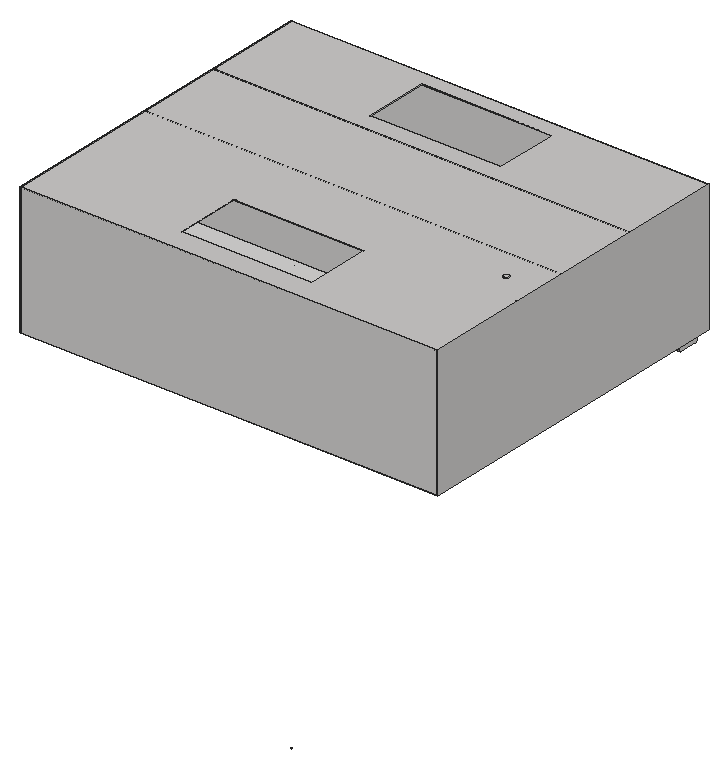
Revit family "QF_ELECTROLUXPROFESSIONAL_640228_STPF1316", category Specialty Equipment, Revit 2014
Reference planes
  plane 1: z = 0
  plane 2 "Center (Left/Right)": x = 150
  plane 3 "LEFT": x = -650
  plane 4 "RIGHT": x = 950
  plane 5 "BACK": y = 550
  plane 6 "TOP": z = 2500
  plane 7 "Base": z = 2000
  plane 8: z = 1955
  plane 9 "DrainY": y = 490
  plane 10: x = -647
  plane 11 "DrainX": x = 830
  plane 12 "AOLeft2": x = 400
  plane 13: x = 947
  plane 14: x = -450
  plane 15: x = 750
  plane 16 "Center (Front/Back)": y = -100
  plane 17 "Front": y = -750
  plane 18 "AOLeft1": x = -100
  plane 19: y = -664
  plane 20: y = -414
  plane 21: y = 240
  plane 22: y = 490
  plane 23 "EI_y": y = -270
  plane 24 "EIx": x = 830
Forms (mm)
  Extrusion 1, solid, material "QF_Finishes_Stainless Steel"
    sketch origin (-650, 0, 360) x (0, 1, 0) y (0, 0, 1)
      loop
        line (550, 1640) -> (550, 2140) -> (-750, 2140) -> (-750, 1640) -> (550, 1640)
    from 0 to 3
  Extrusion 2, solid, material "QF_Finishes_Stainless Steel"
    sketch origin (950, 0, 360) x (0, 1, 0) y (0, 0, 1)
      loop
        line (550, 1640) -> (550, 2140) -> (-750, 2140) -> (-750, 1640) -> (550, 1640)
    from 0 to -3
  Extrusion 3, solid, material "QF_Finishes_Stainless Steel"
    sketch origin (150, 0, 360) x (0, 1, 0) y (0, 0, 1)
      loop
        line (-750, 2140) -> (-750, 1640) -> (-740, 1640) -> (-740, 1640.8) -> (-749.2, 1640.8) -> (-749.2, 2139.19) -> (549.2, 2139.19) -> (549.2, 1640.8) -> (540, 1640.8) -> (540, 1640) -> (550, 1640) -> (550, 2140) -> (-750, 2140)
    from -800 to 800
  Extrusion 4, solid, material "QF_Finishes_Stainless Steel"
    sketch origin (0, 0, 2000) x (0, 1, 0) y (-1, 0, 0)
      loop
        circle (490, -830) r 4.763
    from -30 to 0
  Extrusion 5, void
    sketch origin (0, 0, 2500) x (0, 1, 0) y (-1, 0, 0)
      loop
        line (-414, -400) -> (-414, 100) -> (-664, 100) -> (-664, -400) -> (-414, -400)
    from 0 to -10
  Extrusion 6, solid, material "QF_Finishes_Stainless Steel"
    sketch origin (0, 0, 0) x (1, 0, 0) y (0, 1, 0)
      loop
        line (-650, 550) -> (-650, 549) -> (-649, 549) -> (-649, 550) -> (-650, 550)
    from 0 to 1
  Extrusion 7, solid, material "QF_LAMPS"
    sketch origin (150, 0, 360) x (0, 1, 0) y (0, 0, 1)
      loop
        line (-372.823, 1962.324) -> (-218.948, 2086.929) -> (-227.129, 2097.032) -> (-381.003, 1972.426) -> (-372.823, 1962.324)
    from 797 to -797
  Extrusion 8, solid, material "QF_Finishes_Stainless Steel"
    sketch origin (150, 0, 360) x (0, 1, 0) y (0, 0, 1)
      loop
        line (-750, 2139.19) -> (-750, 1640) -> (-686.602, 1640) -> (-599.146, 1690.493) -> (-610.058, 1709.394) -> (-666.564, 1676.77) -> (-714.704, 1680.982) -> (-749.2, 1730.248) -> (-749.2, 2139.19) -> (-750, 2139.19)
      loop
        line (-373.6, 1961.694) -> (-381.937, 1971.99) -> (-369.095, 1982.182) -> (-369.095, 2139.19) -> (-369.895, 2139.19) -> (-369.895, 1982.569) -> (-682.298, 1734.63) -> (-671.091, 1720.79) -> (-373.6, 1961.694)
      loop
        line (-227.61, 2099.216) -> (-218.171, 2087.559) -> (-154.411, 2139.19) -> (-155.682, 2139.19) -> (-218.052, 2088.684) -> (-226.989, 2099.719) -> (-227.61, 2099.216)
    from -797 to 797
  Sweep 9, solid, material "QF_Finishes_Stainless Steel"
    path origin (0, 0, 0) x (1, 0, 0) y (0, 1, 0)
      loop
        line (950, 550) -> (-650, 550) -> (-650, -750) -> (950, -750) -> (950, 550)
    profile origin (950, -100, 0) x (1, 0, 0) y (0, 0, 1)
      loop
        line (-3, 2000) -> (-3, 2000.8) -> (-19, 2000.8) -> (-19, 2010) -> (-20, 2010) -> (-20, 2000) -> (-3, 2000)
  Extrusion 10, solid, material "QF_Finishes_Stainless Steel"
    sketch origin (150, 0, 0) x (0, 1, 0) y (0, 0, 1)
      loop
        line (414.66, 2095.469) -> (440.643, 2110.471) -> (261.744, 2411.771) -> (235.948, 2396.455) -> (414.66, 2095.469)
    from -797 to -600
  Extrusion 11, solid, material "QF_Finishes_Stainless Steel"
    sketch origin (830, 0, 0) x (0, 1, 0) y (0, 0, 1)
      loop
        line (539, 2000) -> (441, 2000) -> (441, 1989) -> (448.5, 1989) -> (448.5, 1965)
        arc (448.5, 1965) -> (451.429, 1957.929) -> (458.5, 1955) r 10
        line (458.5, 1955) -> (521.5, 1955)
        arc (521.5, 1955) -> (528.571, 1957.929) -> (531.5, 1965) r 10
        line (531.5, 1965) -> (531.5, 1989) -> (539, 1989) -> (539, 2000)
    from 90 to -90
  Extrusion 12, solid, material "QF_Finishes_Stainless Steel"
    sketch origin (150, 0, 360) x (0, 1, 0) y (0, 0, 1)
      loop
        line (-750, 2139.19) -> (-750, 1640) -> (-686.602, 1640) -> (-599.146, 1690.493) -> (-610.058, 1709.394) -> (-666.564, 1676.77) -> (-714.704, 1680.982) -> (-749.2, 1730.248) -> (-749.2, 2139.19) -> (-750, 2139.19)
      loop
        line (-373.6, 1961.694) -> (-381.937, 1971.99) -> (-369.095, 1982.182) -> (-369.095, 2139.19) -> (-369.895, 2139.19) -> (-369.895, 1982.569) -> (-682.298, 1734.63) -> (-671.091, 1720.79) -> (-373.6, 1961.694)
      loop
        line (-227.61, 2099.216) -> (-218.171, 2087.559) -> (-154.411, 2139.19) -> (-155.682, 2139.19) -> (-218.052, 2088.684) -> (-226.989, 2099.719) -> (-227.61, 2099.216)
    from -797 to 797
  Extrusion 13, solid, material "QF_Finishes_Stainless Steel"
    sketch origin (150, 0, 0) x (0, 1, 0) y (0, 0, 1)
      loop
        line (414.66, 2095.469) -> (440.643, 2110.471) -> (261.744, 2411.771) -> (235.948, 2396.455) -> (414.66, 2095.469)
    from 600 to 797
  Extrusion 14, solid, material "QF_Finished_Chrome"
    sketch origin (150, 0, 0) x (0, 1, 0) y (0, 0, 1)
      loop
        line (414.66, 2095.469) -> (440.643, 2110.471) -> (261.744, 2411.771) -> (235.948, 2396.455) -> (414.66, 2095.469)
    from -600 to 600
  Extrusion 15, void
    sketch origin (0, 1180, 2500) x (0, 1, 0) y (-1, 0, 0)
      loop
        line (-690, -400) -> (-690, 100) -> (-940, 100) -> (-940, -400) -> (-690, -400)
    from 0 to -10
  Extrusion 16, solid, material "QF_Finishes_Stainless Steel"
    sketch origin (0, 0, 2500) x (0, 1, 0) y (-1, 0, 0)
      loop
        circle (-270, -830) r 10
    from 0 to 1.6
  Extrusion 17, solid, material "QF_Finishes_Stainless Steel"
    sketch origin (150, 0, 360) x (0, 1, 0) y (0, 0, 1)
      loop
        line (430.005, 1640) -> (540, 1640) -> (540, 1640.8) -> (430.467, 1640.8) -> (371.906, 1742.23) -> (414.858, 1734.657) -> (442.266, 1750.481) -> (442.266, 1765.943) -> (441.466, 1765.943) -> (441.466, 1750.943) -> (414.709, 1735.495) -> (321.153, 1751.991) -> (320.875, 1750.416) -> (371.4, 1741.507) -> (430.005, 1640)
      loop
        line (172.529, 2139.19) -> (242.893, 2017.316) -> (245.133, 2018.715) -> (240.13, 2027.381) -> (238.569, 2026.405) -> (173.453, 2139.19) -> (172.529, 2139.19)
    from -797 to 797
Cuts and joins
  Extrusion 5, Extrusion 15 cuts Extrusion 3
  joined: Extrusion 2, Extrusion 3, Sweep 9
Lines and regions (mm)
  symbolic lines, style "SpecialityEquipment", detail levels coarse
    curve 1: line (950, 550, 2500) -> (-650, 550, 2500)
    curve 2: line (-650, 550, 2500) -> (-650, -750, 2500)
    curve 3: line (950, -750, 2500) -> (950, 550, 2500)
    curve 4: line (-650, 550, 0) -> (950, -750, 0)
    curve 5: line (950, 550, 0) -> (-650, -750, 0)
    curve 6: line (-650, -750, 0) -> (950, -750, 0)
    curve 7: line (400, -414, 0) -> (-100, -414, 0)
    curve 8: line (400, -664, 0) -> (400, -414, 0)
    curve 9: line (-100, -664, 0) -> (400, -664, 0)
    curve 10: line (-100, -414, 0) -> (-100, -664, 0)
  symbolic lines, detail levels coarse
    curve 11: line (-100, 240, 2500) -> (400, 240, 2500)
    curve 12: line (-100, 490, 2500) -> (-100, 240, 2500)
    curve 13: line (400, 490, 2500) -> (-100, 490, 2500)
    curve 14: line (400, 240, 2500) -> (400, 490, 2500)
Dimensions and locks
  plane 3 "LEFT" to plane 4 "RIGHT" = 1600 mm
  equal spacing: plane 3 "LEFT", plane 2 "Center (Left/Right)", plane 4 "RIGHT"
  plane 7 "Base" to plane 8 = 45 mm
  plane 5 "BACK" to plane 9 "DrainY" = 60 mm  (x2)
  plane 3 "LEFT" to plane 10 = 3 mm
  plane 11 "DrainX" to plane 4 "RIGHT" = 120 mm
  plane 13 to plane 4 "RIGHT" = 3 mm
  plane 3 "LEFT" to plane 14 = 200 mm
  plane 15 to plane 4 "RIGHT" = 200 mm
  locked: plane 7 "Base" to level at 2000
  locked: plane 6 "TOP" to plane 7 "Base" at 500
  locked: plane 5 "BACK" to plane 17 "Front" at 1300
  equal spacing: plane 5 "BACK", plane 16 "Center (Front/Back)", plane 17 "Front"
  locked: plane 20 to plane 19 at 250
  plane 19 to plane 17 "Front" = 86 mm
  locked: plane 22 to plane 21 at 250
  plane 5 "BACK" to plane 22 = 60 mm
  locked: plane 23 "EI_y" to plane 17 "Front" at 480
  locked: plane 24 "EIx" to plane 4 "RIGHT" at 120
  locked: plane 18 "AOLeft1" to plane 12 "AOLeft2" at 500
  equal spacing: plane 18 "AOLeft1", plane 2 "Center (Left/Right)", plane 12 "AOLeft2"
  plane 5 "BACK" to plane 17 "Front" = 1300 mm
  aligned and locked: level to plane 1
  aligned and locked: plane 4 "RIGHT" to Extrusion 3
  aligned and locked: Extrusion 3 to plane 3 "LEFT"
  aligned and locked: Extrusion 2 to plane 13
  aligned and locked: Extrusion 10 to plane 10
  aligned and locked: Extrusion 8 to plane 10
  aligned and locked: plane 13 to Extrusion 8
  aligned and locked: Extrusion 5 to plane 18 "AOLeft1"
  aligned and locked: Extrusion 5 to plane 12 "AOLeft2"
  aligned and locked: plane 14 to Extrusion 10
  aligned and locked: plane 15 to Extrusion 13
  aligned and locked: plane 13 to Extrusion 13
  aligned and locked: Extrusion 14 to plane 14
  aligned and locked: Extrusion 14 to plane 15
  aligned and locked: plane 13 to Extrusion 7
  aligned and locked: Extrusion 7 to plane 10
  aligned and locked: Extrusion 15 to plane 21
  aligned and locked: plane 22 to Extrusion 15
  aligned and locked: Extrusion 15 to plane 18 "AOLeft1"
  aligned and locked: Extrusion 15 to plane 12 "AOLeft2"
  aligned and locked: Extrusion 17 to plane 10
  aligned and locked: plane 13 to Extrusion 17
  aligned and locked: plane 13 to Extrusion 12
  aligned and locked: Extrusion 12 to plane 10
  aligned and locked: cut or joined group of Extrusion 2, Extrusion 3, Extrusion 5, Sweep 9, Extrusion 15 to curve 7
  aligned and locked: cut or joined group of Extrusion 2, Extrusion 3, Extrusion 5, Sweep 9, Extrusion 15 to plane 19
  aligned and locked: curve 9 to plane 19
Automatic sketch dimensions
  curve 6 to plane 3 "LEFT" = 0 mm
  curve 4 to plane 3 "LEFT" = 0 mm
  curve 10 to plane 18 "AOLeft1" = 0 mm
  curve 8 to plane 12 "AOLeft2" = 0 mm
  curve 5 to plane 4 "RIGHT" = 0 mm
  curve 6 to plane 4 "RIGHT" = 0 mm
  curve 4 to plane 17 "Front" = 0 mm
  curve 4 to plane 5 "BACK" = 0 mm
  curve 5 to plane 5 "BACK" = 0 mm
  curve 2 to plane 3 "LEFT" = 0 mm
  curve 2 to plane 17 "Front" = 0 mm
  curve 3 to plane 4 "RIGHT" = 0 mm
  curve 3 to plane 17 "Front" = 0 mm
  curve 2 to plane 5 "BACK" = 0 mm
  Extrusion 1 sketch curve to plane 7 "Base" = 0 mm
  Extrusion 1 sketch curve to plane 17 "Front" = 0 mm
  Extrusion 1 sketch curve to plane 5 "BACK" = 0 mm
  Extrusion 1 sketch curve to plane 6 "TOP" = 0 mm
  Extrusion 2 sketch curve to plane 7 "Base" = 0 mm
  Extrusion 2 sketch curve to plane 17 "Front" = 0 mm
  Extrusion 2 sketch curve to plane 5 "BACK" = 0 mm
  Extrusion 2 sketch curve to plane 6 "TOP" = 0 mm
  Extrusion 3 sketch curve to plane 6 "TOP" = 0 mm
  Extrusion 3 sketch curve to plane 17 "Front" = 0 mm
  Extrusion 3 sketch curve to plane 7 "Base" = 0 mm  (x2)
  Extrusion 3 sketch curve to plane 5 "BACK" = 0 mm
  plane 17 "Front" to Extrusion 3 sketch curve = 0.8 mm
  Extrusion 3 sketch curve to Extrusion 3 sketch curve = 9.2 mm
  plane 7 "Base" to Extrusion 3 sketch curve = 0.8 mm  (x2)
  Extrusion 3 sketch curve to plane 5 "BACK" = 10 mm
  Extrusion 3 sketch curve to plane 5 "BACK" = 0.8 mm
  Extrusion 3 sketch curve to plane 6 "TOP" = 0.81 mm
  Extrusion 4 sketch curve to plane 9 "DrainY" = 0 mm
  Extrusion 4 sketch curve to plane 11 "DrainX" = 0 mm
  Extrusion 5 sketch curve to plane 12 "AOLeft2" = 0 mm
  Extrusion 5 sketch curve to plane 18 "AOLeft1" = 0 mm
  plane 19 to Extrusion 5 sketch curve = 0 mm
  Extrusion 5 sketch curve to plane 23 "EI_y" = 144 mm
  Extrusion 6 sketch curve to plane 3 "LEFT" = 0 mm
  Extrusion 6 sketch curve to plane 5 "BACK" = 0 mm
  plane 3 "LEFT" to Extrusion 6 sketch curve = 1 mm
  Extrusion 6 sketch curve to Extrusion 6 sketch curve = 1 mm
  plane 20 to Extrusion 7 sketch curve = 32.997 mm
  Extrusion 7 sketch curve to Extrusion 7 sketch curve = 8.181 mm  (x2)
  plane 23 "EI_y" to Extrusion 7 sketch curve = 42.871 mm
  Extrusion 7 sketch curve to plane 6 "TOP" = 177.676 mm
  Extrusion 7 sketch curve to Extrusion 7 sketch curve = 10.102 mm
  Extrusion 7 sketch curve to plane 6 "TOP" = 53.071 mm
  Extrusion 7 sketch curve to Extrusion 7 sketch curve = 10.103 mm
  Extrusion 8 sketch curve to plane 7 "Base" = 0 mm
  Extrusion 8 sketch curve to plane 17 "Front" = 0 mm
  Extrusion 8 sketch curve to Extrusion 8 sketch curve = 0.8 mm  (x2)
  plane 17 "Front" to Extrusion 8 sketch curve = 35.296 mm
  Extrusion 8 sketch curve to plane 19 = 22.602 mm
  Extrusion 8 sketch curve to plane 19 = 18.298 mm
  Extrusion 8 sketch curve to plane 19 = 7.091 mm
  Extrusion 8 sketch curve to plane 19 = 2.564 mm
  plane 19 to Extrusion 8 sketch curve = 53.942 mm
  Extrusion 8 sketch curve to Extrusion 8 sketch curve = 10.912 mm
  plane 20 to Extrusion 8 sketch curve = 32.063 mm
  Extrusion 8 sketch curve to Extrusion 8 sketch curve = 8.337 mm
  Extrusion 8 sketch curve to Extrusion 8 sketch curve = 12.042 mm
  plane 23 "EI_y" to Extrusion 8 sketch curve = 42.39 mm
  Extrusion 8 sketch curve to Extrusion 8 sketch curve = 0.622 mm
  Extrusion 8 sketch curve to Extrusion 8 sketch curve = 9.44 mm
  Extrusion 8 sketch curve to Extrusion 8 sketch curve = 0.118 mm
  Extrusion 8 sketch curve to plane 6 "TOP" = 0.81 mm  (x3)
  Extrusion 8 sketch curve to plane 16 "Center (Front/Back)" = 55.682 mm
  Extrusion 8 sketch curve to Extrusion 8 sketch curve = 1.271 mm
  plane 7 "Base" to Extrusion 8 sketch curve = 36.77 mm
  plane 7 "Base" to Extrusion 8 sketch curve = 40.982 mm
  plane 7 "Base" to Extrusion 8 sketch curve = 50.493 mm
  Extrusion 8 sketch curve to Extrusion 8 sketch curve = 18.901 mm
  Extrusion 8 sketch curve to Extrusion 8 sketch curve = 44.02 mm
  Extrusion 8 sketch curve to Extrusion 8 sketch curve = 49.266 mm
  Extrusion 8 sketch curve to Extrusion 8 sketch curve = 13.84 mm
  Extrusion 8 sketch curve to plane 6 "TOP" = 178.306 mm
  Extrusion 8 sketch curve to Extrusion 8 sketch curve = 10.296 mm
  Extrusion 8 sketch curve to Extrusion 8 sketch curve = 10.192 mm
  Extrusion 8 sketch curve to Extrusion 8 sketch curve = 0.386 mm
  Extrusion 8 sketch curve to plane 6 "TOP" = 52.441 mm
  Extrusion 8 sketch curve to Extrusion 8 sketch curve = 1.125 mm
  Sweep 9 sketch curve to plane 3 "LEFT" = 0 mm
  Sweep 9 sketch curve to plane 4 "RIGHT" = 0 mm
  Sweep 9 sketch curve to plane 17 "Front" = 0 mm
  Sweep 9 sketch curve to plane 5 "BACK" = 0 mm
  profile plane to Sweep 9 sketch curve = 20 mm
  Sweep 9 sketch curve to Sweep 9 sketch curve = 1 mm
  profile plane to Sweep 9 sketch curve = 3 mm
  level to Sweep 9 sketch curve = 2000 mm
  Sweep 9 sketch curve to Sweep 9 sketch curve = 0.8 mm
  Sweep 9 sketch curve to Sweep 9 sketch curve = 9.2 mm
  Extrusion 10 sketch curve to plane 21 = 4.052 mm
  plane 21 to Extrusion 10 sketch curve = 21.744 mm
  Extrusion 10 sketch curve to plane 9 "DrainY" = 75.34 mm
  Extrusion 10 sketch curve to Extrusion 10 sketch curve = 25.983 mm
  plane 7 "Base" to Extrusion 10 sketch curve = 95.469 mm
  Extrusion 10 sketch curve to Extrusion 10 sketch curve = 15.001 mm
  Extrusion 10 sketch curve to plane 6 "TOP" = 103.545 mm
  Extrusion 10 sketch curve to Extrusion 10 sketch curve = 15.316 mm
  Extrusion 12 sketch curve to plane 7 "Base" = 0 mm
  Extrusion 12 sketch curve to plane 17 "Front" = 0 mm
  Extrusion 12 sketch curve to Extrusion 12 sketch curve = 0.8 mm  (x2)
  plane 17 "Front" to Extrusion 12 sketch curve = 35.296 mm
  Extrusion 12 sketch curve to plane 19 = 22.602 mm
  Extrusion 12 sketch curve to plane 19 = 18.298 mm
  Extrusion 12 sketch curve to plane 19 = 7.091 mm
  Extrusion 12 sketch curve to plane 19 = 2.564 mm
  plane 19 to Extrusion 12 sketch curve = 53.942 mm
  Extrusion 12 sketch curve to Extrusion 12 sketch curve = 10.912 mm
  plane 20 to Extrusion 12 sketch curve = 32.063 mm
  Extrusion 12 sketch curve to Extrusion 12 sketch curve = 8.337 mm
  Extrusion 12 sketch curve to plane 6 "TOP" = 0.81 mm  (x3)
  plane 20 to Extrusion 12 sketch curve = 44.105 mm
  plane 23 "EI_y" to Extrusion 12 sketch curve = 42.39 mm
  Extrusion 12 sketch curve to Extrusion 12 sketch curve = 0.622 mm
  Extrusion 12 sketch curve to Extrusion 12 sketch curve = 9.44 mm
  Extrusion 12 sketch curve to Extrusion 12 sketch curve = 0.118 mm
  Extrusion 12 sketch curve to plane 16 "Center (Front/Back)" = 55.682 mm
  Extrusion 12 sketch curve to Extrusion 12 sketch curve = 1.271 mm
  plane 7 "Base" to Extrusion 12 sketch curve = 36.77 mm
  plane 7 "Base" to Extrusion 12 sketch curve = 40.982 mm
  plane 7 "Base" to Extrusion 12 sketch curve = 50.493 mm
  Extrusion 12 sketch curve to Extrusion 12 sketch curve = 18.901 mm
  Extrusion 12 sketch curve to Extrusion 12 sketch curve = 44.02 mm
  Extrusion 12 sketch curve to Extrusion 12 sketch curve = 49.266 mm
  Extrusion 12 sketch curve to Extrusion 12 sketch curve = 13.84 mm
  Extrusion 12 sketch curve to Extrusion 12 sketch curve = 177.496 mm
  Extrusion 12 sketch curve to Extrusion 12 sketch curve = 10.296 mm
  Extrusion 12 sketch curve to Extrusion 12 sketch curve = 10.192 mm
  Extrusion 12 sketch curve to Extrusion 12 sketch curve = 0.386 mm
  Extrusion 12 sketch curve to plane 6 "TOP" = 52.441 mm
  Extrusion 12 sketch curve to Extrusion 12 sketch curve = 1.125 mm
  Extrusion 13 sketch curve to plane 21 = 4.052 mm
  plane 21 to Extrusion 13 sketch curve = 21.744 mm
  Extrusion 13 sketch curve to plane 9 "DrainY" = 75.34 mm
  Extrusion 13 sketch curve to Extrusion 13 sketch curve = 25.983 mm
  plane 7 "Base" to Extrusion 13 sketch curve = 95.469 mm
  Extrusion 13 sketch curve to Extrusion 13 sketch curve = 15.001 mm
  Extrusion 13 sketch curve to plane 6 "TOP" = 103.545 mm
  Extrusion 13 sketch curve to Extrusion 13 sketch curve = 15.316 mm
  Extrusion 14 sketch curve to plane 21 = 4.052 mm
  plane 21 to Extrusion 14 sketch curve = 21.744 mm
  Extrusion 14 sketch curve to plane 9 "DrainY" = 75.34 mm
  Extrusion 14 sketch curve to Extrusion 14 sketch curve = 25.983 mm
  plane 7 "Base" to Extrusion 14 sketch curve = 95.469 mm
  Extrusion 14 sketch curve to Extrusion 14 sketch curve = 15.001 mm
  Extrusion 14 sketch curve to plane 6 "TOP" = 103.545 mm
  Extrusion 14 sketch curve to Extrusion 14 sketch curve = 15.316 mm
  Extrusion 15 sketch curve to plane 12 "AOLeft2" = 0 mm
  Extrusion 15 sketch curve to plane 21 = 0 mm
  Extrusion 15 sketch curve to plane 9 "DrainY" = 0 mm
  Extrusion 15 sketch curve to plane 18 "AOLeft1" = 0 mm
  Extrusion 16 sketch curve to plane 23 "EI_y" = 0 mm
  Extrusion 16 sketch curve to plane 24 "EIx" = 0 mm
  Extrusion 17 sketch curve to plane 7 "Base" = 0 mm
  Extrusion 17 sketch curve to plane 9 "DrainY" = 47.734 mm
  Extrusion 17 sketch curve to Extrusion 17 sketch curve = 0.8 mm
  plane 9 "DrainY" to Extrusion 17 sketch curve = 50 mm
  plane 7 "Base" to Extrusion 17 sketch curve = 0.8 mm
  Extrusion 17 sketch curve to Extrusion 17 sketch curve = 109.533 mm
  Extrusion 17 sketch curve to Extrusion 17 sketch curve = 0.462 mm  (x2)
  Extrusion 17 sketch curve to Extrusion 17 sketch curve = 26.608 mm
  Extrusion 17 sketch curve to Extrusion 17 sketch curve = 0.148 mm
  Extrusion 17 sketch curve to Extrusion 17 sketch curve = 42.803 mm
  Extrusion 17 sketch curve to Extrusion 17 sketch curve = 0.506 mm
  Extrusion 17 sketch curve to Extrusion 17 sketch curve = 50.247 mm
  Extrusion 17 sketch curve to Extrusion 17 sketch curve = 0.278 mm
  plane 21 to Extrusion 17 sketch curve = 5.133 mm
  Extrusion 17 sketch curve to Extrusion 17 sketch curve = 2.24 mm
  plane 21 to Extrusion 17 sketch curve = 0.13 mm
  Extrusion 17 sketch curve to plane 21 = 1.431 mm
  Extrusion 17 sketch curve to plane 6 "TOP" = 0.81 mm
  Extrusion 17 sketch curve to plane 21 = 66.547 mm
  Extrusion 17 sketch curve to Extrusion 17 sketch curve = 0.924 mm
  plane 7 "Base" to Extrusion 17 sketch curve = 94.657 mm
  Extrusion 17 sketch curve to Extrusion 17 sketch curve = 0.838 mm
  Extrusion 17 sketch curve to Extrusion 17 sketch curve = 6.012 mm
  Extrusion 17 sketch curve to Extrusion 17 sketch curve = 0.723 mm
  Extrusion 17 sketch curve to Extrusion 17 sketch curve = 14.986 mm
  Extrusion 17 sketch curve to Extrusion 17 sketch curve = 15 mm
  Extrusion 17 sketch curve to plane 6 "TOP" = 122.684 mm
  Extrusion 17 sketch curve to Extrusion 17 sketch curve = 1.399 mm
  Extrusion 17 sketch curve to Extrusion 17 sketch curve = 9.089 mm
  Extrusion 17 sketch curve to Extrusion 17 sketch curve = 0.975 mm
  curve 11 to plane 18 "AOLeft1" = 0 mm
  curve 11 to plane 21 = 0 mm
  curve 12 to plane 9 "DrainY" = 0 mm
  curve 11 to plane 12 "AOLeft2" = 0 mm
  Extrusion 11 sketch curve to plane 8 = 0 mm
  Extrusion 11 sketch curve to plane 7 "Base" = 11 mm  (x2)
  Extrusion 11 sketch curve to plane 9 "DrainY" = 49 mm
  Extrusion 11 sketch curve to Extrusion 11 sketch curve = 7.5 mm  (x2)
  Extrusion 11 sketch curve to Extrusion 11 sketch curve = 10 mm
  Extrusion 11 sketch curve to plane 5 "BACK" = 28.5 mm
  Extrusion 11 sketch curve to plane 5 "BACK" = 18.5 mm
  plane 7 "Base" to Extrusion 11 sketch curve = 0 mm
  radius of Extrusion 4 sketch curve = 4.763 mm
  radius of Extrusion 16 sketch curve = 10 mm
Connectors
  piping at (830, 490, 1970), diameter 9.5
    settings: on Extrusion 4, index 1, connector inside diameter 609.6 mm, connector length 0 mm, flow factor 0, pipe flow 0.0 L/s, pressure drop 0.0 Pa, fitting loss kfactor 0, connector angle 0.00°, fixture units 0, engagement length 0 mm, angle of deflection 0.00°, flow configuration 1, flow direction 2, fitting loss method 0, system type 16, joint type 0, gender type 0, connector reference index -1, connector utility 0, adjustable connector no, is connector primary yes, connector description "Drain"
  hvac at (150, -539, 2500)
    settings: on Extrusion 5, index 2, duct flow 0.0 L/s, flow factor 0, pres drop 0.0 Pa, loss coef 0, conn angle 0.00°, conn width 250 mm, conn height 500 mm, conn diameter 609.6 mm, duct sys type 1, conn prof type 1, flow config 1, flow direction 1, loss method 0, conn ref index -1, conn util no, is conn primary yes, conn desc "AIR INLET"
  hvac at (150, 365, 2500)
    settings: on Extrusion 15, index 4, duct flow 0.0 L/s, flow factor 0, pres drop 0.0 Pa, loss coef 0, conn angle 0.00°, conn width 250 mm, conn height 500 mm, conn diameter 609.6 mm, duct sys type 3, conn prof type 1, flow config 1, flow direction 2, loss method 0, conn ref index -1, conn util no, is conn primary no, conn desc "EXHAUST OUTLET"
  electrical at (830, -270, 2501.6)
    settings: on Extrusion 16, index 6, voltage 0 V, apparent load 0 VA, apparent load phase1 0 VA, apparent load phase2 0 VA, apparent load phase3 0 VA, power factor 1, load classification "Other", number of poles 1, system type 30, power factor state 1, is connector primary yes, connector utility no, sub classification motor no, connector description "Electrical Connection"
